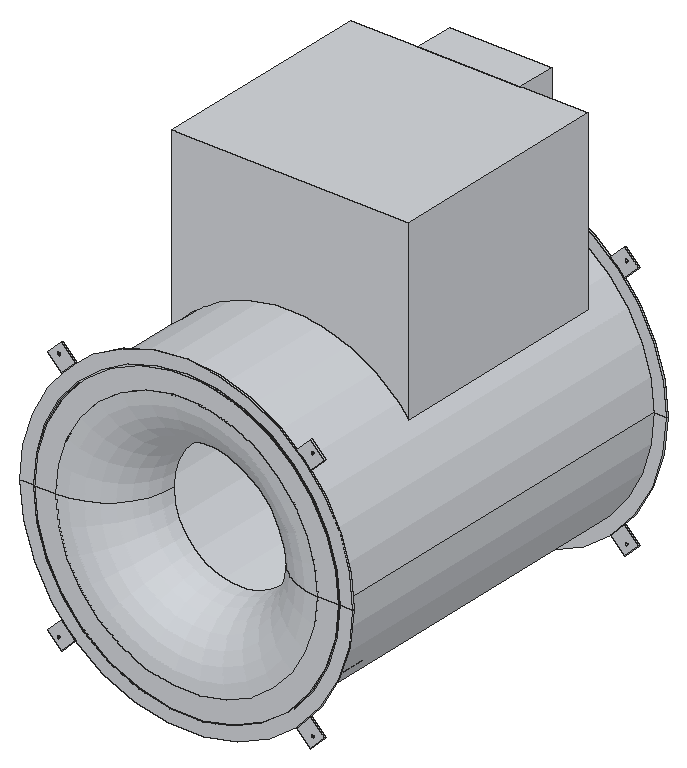
Revit family "TMX-Vertical", category Mechanical Equipment, Revit 2019
Family settings
  Round Connector Dimension = Use Radius
  Part Type = Normal
  Work Plane-Based = No
  Always vertical = Yes
  Cut with Voids When Loaded = No
  Shared = No
  Room Calculation Point = No
Parameters (values of type "330-TMX-Vertical")
  hole_dia = 54 3/4"
  hole = (sqrt((hole_dia ^ 2) / 2)) / 2  # 19.35705"
  Unit Weight [instance] = ""
  Sones [instance] = ""
  Motor RPM [instance] = ""
  Motor Enclosure [instance] = ""
  ModelID [instance] = ""
  MC/2 = (F / 2) - 2"  # 18 1/16"
  LwA [instance] = ""
  H/2 = H / 2  # 1/4"
  H = 1/2"
  G/2 = G / 2  # 28 23/32"
  Fan RPM [instance] = ""
  Brake Hp [instance] = ""
  BRACKET/2 = BRACKET / 2  # 1 1/2"
  BRACKET = 3"
  Accessories [instance] = ""
  45 = 45.00°
  3 = 3"  # constant formula
  1.9375 = 1 15/16"  # constant formula
  -(G/2)-.75 = -((G / 2) - 3/4")  # -27 31/32"
  (G/2)-.75 = (G / 2) - 3/4"  # 27 31/32"
  G+1.5 = G + 1 1/2"  # 58 15/16"
  G = 57 7/16"
  F/2 = F / 2  # 20 1/16"
  F-1.5 = F - 1 1/2"  # 38 5/8"
  F+1.5 = F + 1 1/2"  # 41 5/8"
  F = 40 1/8"
  E-D-1.5 = E - D - 1 1/2"  # 40 3/16"
  E-D = E - D  # 41 11/16"
  E = 67 3/8"
  D = 25 11/16"
  C/2 = C / 2  # 25 3/8"
  C = 50 3/4"
  B/8 = B / 6  # 9.98958"
  B/6 = B / 6  # 9.98958"
  B/3*2 = B / 3 * 2  # 39.95833"
  B/2 = B / 2  # 29 31/32"
  B/10 = B / 10  # 5.99375"
  B = 59 15/16"
  A/8 = A / 6  # 7 25/32"
  A/4 = A / 4  # 11 43/64"
  A/2 = A / 2  # 23 11/32"
  A = 46 11/16"
  0 = 0"  # constant formula
  Voltage [instance] = 0 V
  URL = "www.lorencook.com"
  Type Comments = "Mixed Flow Inline Horizontal Mount Belt Drive Arrangement 9"  # constant formula
  Static Pressure [instance] = 0.00 in-wg
  Power [instance] = Voltage * Motor FLA * sqrt(if(Phase = 3, 3, 1))  # 0 VA
  Phase [instance] = 0
  Number of Poles [instance] = 1
  Motor Hp [instance] = "0"
  Motor FLA [instance] = 0 A
  Model = "TMX-Vertical"  # constant formula
  Manufacturer = "Loren Cook Company"
  CFM [instance] = 0 CFM
  1.5 = 1 1/2"  # constant formula
  ONE EIGTH = 1/8"  # constant formula
  -(B/2) = -(B / 2)  # -29 31/32"
  (F+3)/2 = (F + 3") / 2  # 21 9/16"
  (A/2)-.125 = (A / 2) - 1/8"  # 23 7/32"
Types (13): name | hole_dia | hole | MC/2 | G/2 | -(G/2)-.75 | (G/2)-.75 | G+1.5 | G | F/2 | F-1.5 | F+1.5 | F | E-D-1.5 | E-D | E | D | C/2 | C | B/8 | B/6 | B/3*2 | B/2 | B/10 | B | A/8 | A/4 | A/2 | A | -(B/2) | (F+3)/2 | (A/2)-.125
  (no name) | 54 3/4" | 19.35705" | 18 1/16" | 28 23/32" | -27 31/32" | 27 31/32" | 58 15/16" | 57 7/16" | 20 1/16" | 38 5/8" | 41 5/8" | 40 1/8" | 40 3/16" | 41 11/16" | 67 3/8" | 25 11/16" | 25 3/8" | 50 3/4" | 9.98958" | 9.98958" | 39.95833" | 29 31/32" | 5.99375" | 59 15/16" | 7 25/32" | 11 43/64" | 23 11/32" | 46 11/16" | -29 31/32" | 21 9/16" | 23 7/32"
  90-TMX-Vertical | 18 1/8" | 6.40816" | 5 1/8" | 8 1/16" | -7 5/16" | 7 5/16" | 17 5/8" | 16 1/8" | 7 1/8" | 12 3/4" | 15 3/4" | 14 1/4" | 18 3/16" | 19 11/16" | 29 1/16" | 9 3/8" | 7 15/16" | 15 7/8" | 3.08333" | 3.08333" | 12.33333" | 9 1/4" | 1.85" | 18 1/2" | 2.14583" | 3 7/32" | 6 7/16" | 12 7/8" | -9 1/4" | 8 5/8" | 6 5/16"
  120-TMX-Vertical | 22 9/16" | 7.97705" | 5 3/4" | 11 5/32" | -10 13/32" | 10 13/32" | 23 13/16" | 22 5/16" | 7 3/4" | 14" | 17" | 15 1/2" | 20 9/16" | 22 1/16" | 33 3/4" | 11 11/16" | 10 1/32" | 20 1/16" | 4.11458" | 4.11458" | 16.45833" | 12 11/32" | 2 15/32" | 24 11/16" | 2.85417" | 4 9/32" | 8 9/16" | 17 1/8" | -12 11/32" | 9 1/4" | 8 7/16"
  135-TMX-Vertical | 24 3/4" | 8.75045" | 7 15/32" | 12 11/16" | -11 15/16" | 11 15/16" | 26 7/8" | 25 3/8" | 9 15/32" | 17 7/16" | 20 7/16" | 18 15/16" | 22 5/16" | 23 13/16" | 35 1/2" | 11 11/16" | 11 1/8" | 22 1/4" | 4 5/8" | 4 5/8" | 18 1/2" | 13 7/8" | 2.775" | 27 3/4" | 3.19792" | 4 51/64" | 9 19/32" | 19 3/16" | -13 7/8" | 10 31/32" | 9 15/32"
  150-TMX-Vertical | 26 7/8" | 9.50175" | 8 7/32" | 12 13/16" | -12 1/16" | 12 1/16" | 27 1/8" | 25 5/8" | 10 7/32" | 18 15/16" | 21 15/16" | 20 7/16" | 23 3/8" | 24 7/8" | 37 5/16" | 12 7/16" | 12 3/16" | 24 3/8" | 4.66667" | 4.66667" | 18.66667" | 14" | 2.8" | 28" | 3.55208" | 5 21/64" | 10 21/32" | 21 5/16" | -14" | 11 23/32" | 10 17/32"
  165-TMX-Vertical | 29 1/4" | 10.34144" | 9 1/16" | 14 7/32" | -13 15/32" | 13 15/32" | 29 15/16" | 28 7/16" | 11 1/16" | 20 5/8" | 23 5/8" | 22 1/8" | 24 7/16" | 25 15/16" | 39 1/2" | 13 9/16" | 13 1/4" | 26 1/2" | 5.13542" | 5.13542" | 20.54167" | 15 13/32" | 3.08125" | 30 13/16" | 3 29/32" | 5 55/64" | 11 23/32" | 23 7/16" | -15 13/32" | 12 9/16" | 11 19/32"
  180-TMX-Vertical | 31 3/8" | 11.09274" | 9 13/16" | 15 5/8" | -14 7/8" | 14 7/8" | 32 3/4" | 31 1/4" | 11 13/16" | 22 1/8" | 25 1/8" | 23 5/8" | 27 1/2" | 29" | 43 5/8" | 14 5/8" | 14 5/16" | 28 5/8" | 5.60417" | 5.60417" | 22.41667" | 16 13/16" | 3.3625" | 33 5/8" | 4.26042" | 6 25/64" | 12 25/32" | 25 9/16" | -16 13/16" | 13 5/16" | 12 21/32"
  202-TMX-Vertical | 34 1/2" | 12.19759" | 10 29/32" | 17 21/32" | -16 29/32" | 16 29/32" | 36 13/16" | 35 5/16" | 12 29/32" | 24 5/16" | 27 5/16" | 25 13/16" | 29 1/16" | 30 9/16" | 46 11/16" | 16 1/8" | 15 7/8" | 31 3/4" | 6 9/32" | 6 9/32" | 25 1/8" | 18 27/32" | 3.76875" | 37 11/16" | 4 25/32" | 7 11/64" | 14 11/32" | 28 11/16" | -18 27/32" | 14 13/32" | 14 7/32"
  225-TMX-Vertical | 37 15/16" | 13.41293" | 12 1/8" | 19 13/16" | -19 1/16" | 19 1/16" | 41 1/8" | 39 5/8" | 14 1/8" | 26 3/4" | 29 3/4" | 28 1/4" | 30 11/16" | 32 3/16" | 49 15/16" | 17 3/4" | 17 15/32" | 34 15/16" | 7" | 7" | 28" | 21" | 4.2" | 42" | 5.32292" | 7 63/64" | 15 31/32" | 31 15/16" | -21" | 15 5/8" | 15 27/32"
  245-TMX-Vertical | 42 3/4" | 15.11441" | 13 13/16" | 21" | -20 1/4" | 20 1/4" | 43 1/2" | 42" | 15 13/16" | 30 1/8" | 33 1/8" | 31 5/8" | 34 1/8" | 35 5/8" | 57 1/16" | 21 7/16" | 19 3/8" | 38 3/4" | 7.41667" | 7.41667" | 29.66667" | 22 1/4" | 4.45" | 44 1/2" | 5.79167" | 8 11/16" | 17 3/8" | 34 3/4" | -22 1/4" | 17 5/16" | 17 1/4"
  270-TMX-Vertical | 46 5/16" | 16.37394" | 15 3/32" | 23 9/32" | -22 17/32" | 22 17/32" | 48 1/16" | 46 9/16" | 17 3/32" | 32 11/16" | 35 11/16" | 34 3/16" | 35 7/8" | 37 3/8" | 60 1/16" | 22 11/16" | 21 3/16" | 42 3/8" | 8.17708" | 8.17708" | 32.70833" | 24 17/32" | 4 29/32" | 49 1/16" | 6 3/8" | 9 9/16" | 19 1/8" | 38 1/4" | -24 17/32" | 18 19/32" | 19"
  300-TMX-Vertical | 50 1/2" | 17.85445" | 16 9/16" | 26" | -25 1/4" | 25 1/4" | 53 1/2" | 52" | 18 9/16" | 35 5/8" | 38 5/8" | 37 1/8" | 38" | 39 1/2" | 63 11/16" | 24 3/16" | 23 1/4" | 46 1/2" | 9.08333" | 9.08333" | 36.33333" | 27 1/4" | 5.45" | 54 1/2" | 7.08333" | 10 5/8" | 21 1/4" | 42 1/2" | -27 1/4" | 20 1/16" | 21 1/8"
  330-TMX-Vertical | 54 3/4" | 19.35705" | 18 1/16" | 28 23/32" | -27 31/32" | 27 31/32" | 58 15/16" | 57 7/16" | 20 1/16" | 38 5/8" | 41 5/8" | 40 1/8" | 40 3/16" | 41 11/16" | 67 3/8" | 25 11/16" | 25 3/8" | 50 3/4" | 9.98958" | 9.98958" | 39.95833" | 29 31/32" | 5.99375" | 59 15/16" | 7 25/32" | 11 43/64" | 23 11/32" | 46 11/16" | -29 31/32" | 21 9/16" | 23 7/32"
Reference planes (in)
  plane 1 "Center (Front/Back)": y = 0
  plane 2: z = 0
  plane 3 "Center (Left/Right)": x = 0.40541
  plane 4: z = -25.6875
Forms (in)
  Extrusion 1, solid
    sketch origin (0, 0, 0) x (1, 0, 0) y (0, 0, 1)
      loop
        circle (0.40541, 0) r 23.34375
      loop
        circle (0.40541, 0) r 23.21875
    from -29.96875 <- "-(B/2)" to 29.96875 <- "B/2"
  Revolve 2, solid
    sketch origin (0, 0, 0) x (1, 0, 0) y (0, 1, 0)
      loop
        line (-22.81334, -29.96875) -> (0.40541, -29.96875) -> (0.40541, -19.97917) -> (-22.81334, -19.97917) -> (-22.81334, -29.96875)
      axis (0.40541, -29.96875) -> (0.40541, -19.97917)
    angle from 0 to 360
  Revolve 3, void
    sketch origin (0, 0, 0) x (1, 0, 0) y (0, 1, 0)
      loop
        line (0.40541, -19.97917) -> (-9.58417, -19.97917)
        arc (-9.58417, -19.97917) -> (-12.51005, -27.04287) -> (-19.57375, -29.96875) r 9.98958
        line (-19.57375, -29.96875) -> (0.40541, -29.96875) -> (0.40541, -19.97917)
      axis (0.40541, -19.97917) -> (0.40541, -29.96875)
    angle from 0 to 360
  Revolve 4, solid
    sketch origin (0, 0, 0) x (1, 0, 0) y (0, 1, 0)
      loop
        line (0.40541, 29.96875) -> (-9.58417, 29.96875) -> (-9.58417, 0) -> (0.40541, 0) -> (0.40541, 29.96875)
      axis (0.40541, 29.96875) -> (0.40541, 0)
    angle from 0 to 360
  Revolve 5, solid
    sketch origin (0, 0, 0) x (1, 0, 0) y (0, 1, 0)
      loop
        line (-24.96959, 29.96875) -> (-24.96959, 29.84375) -> (-22.93834, 29.84375) -> (-22.93834, 29.96875) -> (-24.96959, 29.96875)
      loop
        line (-24.96959, -29.84375) -> (-24.96959, -29.96875) -> (-22.93834, -29.96875) -> (-22.93834, -29.84375) -> (-24.96959, -29.84375)
      axis (0.40541, 29.96875) -> (0.40541, -29.96875)
    angle from 0 to 360
  Extrusion 6, solid
    sketch origin (0.40541, 29.84375, 0) x (-1, 0, 0) y (0, 0, -1)
      loop
        arc (7.78125, -22.0087) -> (0, -23.34375) -> (-7.78125, -22.0087) r 23.34375
        line (-7.78125, -22.0087) -> (-7.78125, -41.6875) -> (7.78125, -41.6875) -> (7.78125, -22.0087)
    from 0 to 5.99375 <- "B/10"
  Extrusion 7, solid
    sketch origin (0.40541, 29.84375, 0) x (-1, 0, 0) y (0, 0, -1)
      loop
        line (-18.0625, -14.78772) -> (-18.0625, -41.6875) -> (18.0625, -41.6875) -> (18.0625, -14.78772)
        arc (18.0625, -14.78772) -> (0, -23.34375) -> (-18.0625, -14.78772) r 23.34375
    from 5.99375 <- "B/10" to 39.95833 <- "B/3*2"
  Extrusion 8, solid
    sketch origin (0.40541, -29.96875, 0) x (-1, 0, 0) y (0, 0, -1)
      loop
        line (18.97212, 16.8508) -> (21.09344, 18.97212) -> (18.97212, 21.09344) -> (16.8508, 18.97212)
        arc (16.8508, 18.97212) -> (17.94283, 17.94283) -> (18.97212, 16.8508) r 25.375
    from 0 to -0.125
  Extrusion 9, solid
    sketch origin (0.40541, -29.96875, 0) x (0, 0, -1) y (1, 0, 0)
      loop
        line (18.97212, 16.8508) -> (21.09344, 18.97212) -> (18.97212, 21.09344) -> (16.8508, 18.97212)
        arc (16.8508, 18.97212) -> (17.94283, 17.94283) -> (18.97212, 16.8508) r 25.375
    from 0 to -0.125
  Extrusion 10, solid
    sketch origin (0.40541, -29.96875, 0) x (1, 0, 0) y (0, 0, 1)
      loop
        line (18.97212, 16.8508) -> (21.09344, 18.97212) -> (18.97212, 21.09344) -> (16.8508, 18.97212)
        arc (16.8508, 18.97212) -> (17.94283, 17.94283) -> (18.97212, 16.8508) r 25.375
    from 0 to -0.125
  Extrusion 11, solid
    sketch origin (0.40541, -29.96875, 0) x (0, 0, 1) y (-1, 0, 0)
      loop
        line (18.97212, 16.8508) -> (21.09344, 18.97212) -> (18.97212, 21.09344) -> (16.8508, 18.97212)
        arc (16.8508, 18.97212) -> (17.94283, 17.94283) -> (18.97212, 16.8508) r 25.375
    from 0 to -0.125
  Extrusion 12, solid
    sketch origin (0.40541, 29.96875, 0) x (0, 0, -1) y (-1, 0, 0)
      loop
        line (16.8508, -18.97212) -> (18.97212, -21.09344) -> (21.09344, -18.97212) -> (18.97212, -16.8508)
        arc (18.97212, -16.8508) -> (17.94283, -17.94283) -> (16.8508, -18.97212) r 25.375
      loop
        arc (-16.8508, -18.97212) -> (-17.94283, -17.94283) -> (-18.97212, -16.8508) r 25.375
        line (-18.97212, -16.8508) -> (-21.09344, -18.97212) -> (-18.97212, -21.09344) -> (-16.8508, -18.97212)
      loop
        arc (-18.97212, 16.8508) -> (-17.94283, 17.94283) -> (-16.8508, 18.97212) r 25.375
        line (-16.8508, 18.97212) -> (-18.97212, 21.09344) -> (-21.09344, 18.97212) -> (-18.97212, 16.8508)
      loop
        arc (16.8508, 18.97212) -> (17.94283, 17.94283) -> (18.97212, 16.8508) r 25.375
        line (18.97212, 16.8508) -> (21.09344, 18.97212) -> (18.97212, 21.09344) -> (16.8508, 18.97212)
    from 0 to -0.125
  Extrusion 13, void
    sketch origin (0.40541, 29.96875, 0) x (0, 0, 1) y (-1, 0, 0)
      loop
        circle (-19.35705, -19.35705) r 0.25
      loop
        circle (19.35705, -19.35705) r 0.25
      loop
        circle (19.35705, 19.35705) r 0.25
      loop
        circle (-19.35705, 19.35705) r 0.25
    from 0 to 0.125
  Extrusion 14, void
    sketch origin (0.40541, -29.96875, 0) x (1, 0, 0) y (0, 0, -1)
      loop
        circle (-19.35705, -19.35705) r 0.25
      loop
        circle (-19.35705, 19.35705) r 0.25
      loop
        circle (19.35705, 19.35705) r 0.25
      loop
        circle (19.35705, -19.35705) r 0.25
    from 0 to 0.125
Cuts and joins
  Revolve 3 cuts Revolve 2
  Extrusion 13, Extrusion 14 cuts Revolve 5
  Extrusion 13 cuts Extrusion 12
  Extrusion 14 cuts Extrusion 8
  Extrusion 14 cuts Extrusion 9
  Extrusion 14 cuts Extrusion 10
  Extrusion 14 cuts Extrusion 11
Dimensions and locks (in)
  "0": Extrusion 1 sketch curve to level  (x2)
  "0": Revolve 2 sketch curve to plane 3 "Center (Left/Right)"  (x2)
  "0": Revolve 2 sketch curve to Extrusion 1
  "(A/2)-.125": Revolve 2 sketch curve to plane 3 "Center (Left/Right)"
  "B/8": Revolve 2 sketch curve to Extrusion 1
  "B/8": Revolve 3 sketch curve to plane 3 "Center (Left/Right)"
  "0": Revolve 3 sketch curve to Extrusion 1
  "0": Revolve 3 sketch curve to Revolve 2
  "0": Revolve 3 sketch curve to plane 3 "Center (Left/Right)"  (x2)
  "0": Revolve 4 sketch curve to plane 1 "Center (Front/Back)"
  "0": Revolve 4 sketch curve to plane 3 "Center (Left/Right)"  (x2)
  "B/8": Revolve 4 sketch curve to Revolve 4 sketch curve
  "ONE EIGTH": Revolve 5 sketch curve to Revolve 5 sketch curve  (x2)
  "A/2": Revolve 5 sketch curve to plane 3 "Center (Left/Right)"  (x2)
  "C/2": Revolve 5 sketch curve to plane 3 "Center (Left/Right)"  (x2)
  "0": Revolve 5 sketch curve to plane 3 "Center (Left/Right)"
  "A/8": plane 3 "Center (Left/Right)" to Extrusion 6 sketch curve
  "A/8": Extrusion 6 sketch curve to plane 3 "Center (Left/Right)"
  "E-D": Extrusion 7 sketch curve to level
  "MC/2": Extrusion 7 sketch curve to plane 3 "Center (Left/Right)"
  "MC/2": plane 3 "Center (Left/Right)" to Extrusion 7 sketch curve
  "0": Extrusion 7 sketch curve to level
  "0": plane 3 "Center (Left/Right)" to Extrusion 7 sketch curve
  "0": Extrusion 1 to Revolve 4 sketch curve
  "0": Extrusion 6 sketch curve to plane 3 "Center (Left/Right)"
  "3": Extrusion 8 sketch curve to Extrusion 8 sketch curve
  "BRACKET": Extrusion 8 sketch curve to Extrusion 8 sketch curve
  "0": Extrusion 8 sketch curve to level
  "0": Extrusion 8 sketch curve to plane 3 "Center (Left/Right)"
  "1.5": Extrusion 8 sketch curve to plane 3 "Center (Left/Right)"
  "3": Extrusion 9 sketch curve to Extrusion 9 sketch curve
  "BRACKET": Extrusion 9 sketch curve to Extrusion 9 sketch curve
  "3": Extrusion 10 sketch curve to Extrusion 10 sketch curve
  "BRACKET": Extrusion 10 sketch curve to Extrusion 10 sketch curve
  "3": Extrusion 11 sketch curve to Extrusion 11 sketch curve
  "BRACKET": Extrusion 11 sketch curve to Extrusion 11 sketch curve
  "1.5": Extrusion 9 sketch curve to plane 3 "Center (Left/Right)"
  "0": Extrusion 9 sketch curve to level
  "0": Extrusion 9 sketch curve to plane 3 "Center (Left/Right)"
  "0": Extrusion 10 sketch curve to level
  "0": Extrusion 10 sketch curve to plane 3 "Center (Left/Right)"
  "1.5": Extrusion 10 sketch curve to plane 3 "Center (Left/Right)"
  "1.5": Extrusion 11 sketch curve to plane 3 "Center (Left/Right)"
  "0": Extrusion 11 sketch curve to level
  "0": plane 3 "Center (Left/Right)" to Extrusion 11 sketch curve
  "0": Extrusion 12 sketch curve to Extrusion 9  (x3)
  "0": Extrusion 12 sketch curve to Extrusion 10
  Extrusion 12 sketch curve to Extrusion 10 = 0"
  "0": Extrusion 12 sketch curve to Extrusion 11  (x2)
  "0": Extrusion 11 to Extrusion 12 sketch curve
  "0": Extrusion 12 sketch curve to Extrusion 8  (x3)
  "hole": Extrusion 13 sketch curve to level  (x2)
  "hole": Extrusion 13 sketch curve to plane 3 "Center (Left/Right)"  (x2)
  "hole": level to Extrusion 13 sketch curve  (x2)
  "hole": plane 3 "Center (Left/Right)" to Extrusion 13 sketch curve  (x2)
  "hole": plane 3 "Center (Left/Right)" to Extrusion 14 sketch curve  (x2)
  "hole": Extrusion 14 sketch curve to level  (x2)
  "hole": level to Extrusion 14 sketch curve  (x2)
  "hole": Extrusion 14 sketch curve to plane 3 "Center (Left/Right)"  (x2)
  "0": plane 3 "Center (Left/Right)" to Extrusion 12 sketch curve  (x4)
  "0": Extrusion 12 sketch curve to cut or joined group of Extrusion 10, Extrusion 14  (x2)
  "3": Extrusion 12 sketch curve to Extrusion 12 sketch curve
  "D": level to plane 4
  "A/2": radius of Extrusion 1 sketch curve
  "(A/2)-.125": radius of Extrusion 1 sketch curve
  "B/8": radius of Revolve 3 sketch curve
  "A/2": radius of Extrusion 6 sketch curve
  "A/2": radius of Extrusion 7 sketch curve
  "C/2": radius of Extrusion 8 sketch curve
  "C/2": radius of Extrusion 9 sketch curve
  "C/2": radius of Extrusion 10 sketch curve
  "C/2": radius of Extrusion 11 sketch curve
  "C/2": radius of Extrusion 12 sketch curve  (x4)
  "H/2": radius of Extrusion 13 sketch curve  (x4)
  "H/2": radius of Extrusion 14 sketch curve  (x4)
  "45": angle level to Extrusion 8 sketch curve
  "45": angle Extrusion 9 sketch curve to level
  "45": angle level to Extrusion 10 sketch curve
  "45": angle Extrusion 11 sketch curve to level
  aligned and locked: Revolve 5 sketch curve to Extrusion 1
  aligned and locked: cut or joined group of Revolve 2, Revolve 3 to Revolve 5 sketch curve
  aligned and locked: Extrusion 6 sketch curve to Extrusion 7
Automatic sketch dimensions
  Extrusion 1 sketch curve to Extrusion 1 sketch curve = 0"
  Extrusion 1 sketch curve to plane 3 "Center (Left/Right)" = 0"
  Revolve 2 sketch curve to Revolve 2 sketch curve = 0"
  plane 1 "Center (Front/Back)" to Revolve 2 sketch curve = 3.17163"
  Revolve 3 sketch curve to Revolve 3 sketch curve = 0"  (x3)
  Revolve 3 sketch curve to Revolve 3 sketch curve = 3"
  Revolve 4 sketch curve to plane 1 "Center (Front/Back)" = 0"
  Revolve 4 sketch curve to Revolve 4 sketch curve = 4"
  Extrusion 6 sketch curve to Revolve 5 = 0"
  Revolve 5 sketch curve to Revolve 5 sketch curve = 2.13364"
  Revolve 5 sketch curve to Revolve 5 sketch curve = 4"
  Extrusion 12 sketch curve to Extrusion 12 sketch curve = 0"  (x3)
  Extrusion 12 sketch curve to Revolve 5 = 0"
  Extrusion 7 sketch curve to Extrusion 7 sketch curve = 0"
Connectors (in)
  electrical at (-17.65709, 6.86771, 28.23761)
    settings: on Extrusion 7, index 1, voltage 0 V, apparent load 0 VA, apparent load phase1 0 VA, apparent load phase2 0 VA, apparent load phase3 0 VA, power factor 1, load classification "Other", number of poles 1, system type 30, power factor state 1, is connector primary yes, connector utility no, sub classification motor no, connector description ""
  hvac at (0.40541, -29.96875, 0), driven by "A/2"
    settings: on cut or joined group of Revolve 2, Revolve 3, index 2, duct flow 0 CFM, flow factor 0, pres drop 0.00 in-wg, loss coef 0, conn angle 0.00°, conn width 12", conn height 12", conn diameter 46 11/16", duct sys type 29, conn prof type 0, flow config 0, flow direction 1, loss method 0, conn ref index -1, conn util no, is conn primary yes, conn desc ""
  hvac at (0.40541, 29.96875, 0), driven by "A/2"
    settings: on Extrusion 1, index 3, duct flow 0 CFM, flow factor 0, pres drop 0.00 in-wg, loss coef 0, conn angle 0.00°, conn width 12", conn height 12", conn diameter 46 11/16", duct sys type 29, conn prof type 0, flow config 0, flow direction 2, loss method 0, conn ref index -1, conn util no, is conn primary no, conn desc ""
